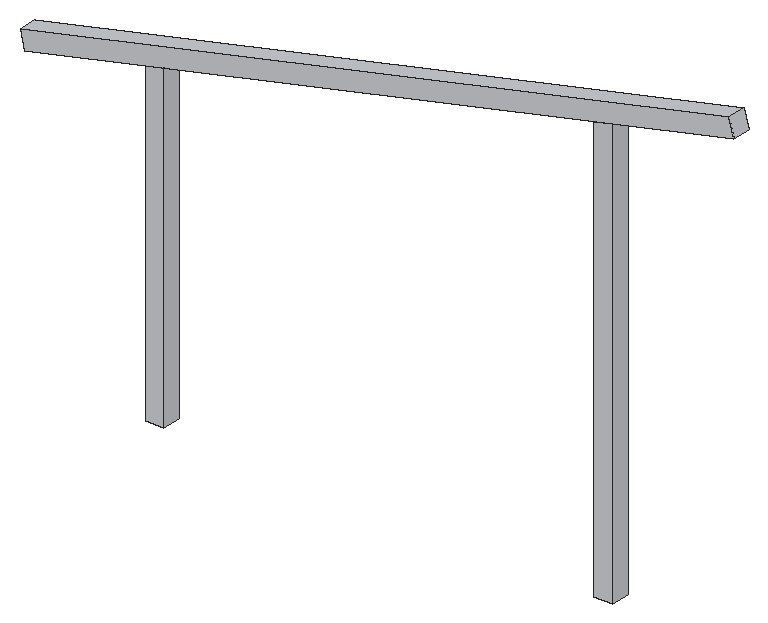
Revit family
Parameters (values of type "tipo")
  VariazioneAltezza_c [instance] = -300 mm
  SezionePilastro_c = 100 mm
  RegolaVariazioneAltezza [instance] = if(and(VariazioneAltezza_c > -5 mm, VariazioneAltezza_c < 5 mm), 5 mm * (-VariazioneAltezza_c / VariazioneAltezza_c), VariazioneAltezza_c)  # -300 mm
  PilastroSinistro [instance] = Pilastro + RegolaVariazioneAltezza  # 1700 mm
  PilastroDestro [instance] = Pilastro - RegolaVariazioneAltezza  # 2300 mm
  Pilastro = 2000 mm
  LunghezzaTraverso = Luce_c + 2 * SezionePilastro_c + 2 * AggettoTraverso_c  # 3900 mm
  Luce_c = 2300 mm
  AsseTraverso [instance] = RegolaVariazioneAltezza / 2  # -150 mm
  Angolo2 [instance] = (90.00° - Angolo)  # 76.5043°
  Angolo1 [instance] = Angolo - 90.00°  # -76.5043°
  Angolo [instance] = -atan(RegolaVariazioneAltezza / (((2 * SezionePilastro_c) + Luce_c) / 2))  # 13.4957°
  AggettoTraverso_c = 700 mm
Reference planes
  plane 1 "Centro (Fronte/Retro)": y = 0
  plane 2: z = 0
  plane 3 "Centro (Sinistra/Destra)": x = 0
  plane 4: x = -1150
  plane 5: x = 1150
  plane 6: x = -1250
  plane 7: x = 1250
  plane 8: z = 2300
  plane 9: z = 1700
  plane 10: through (-3232.433, -1524, 1224.216) normal (-0.2334, 0, 0.9724)
  plane 11: through (-6227.123, -1524, 608.33) normal (-0.2334, 0, 0.9724)
  plane 12: y = -100
  plane 13: z = 2000
  plane 14: through (189.39, -1524, 1210.874) normal (0.9724, 0, 0.2334)
  plane 15: through (-2531.795, -1524, 4193.423) normal (0.9724, 0, 0.2334)
  plane 16: through (1185.456, -1524, 5416.322) normal (0.9724, 0, 0.2334)
Forms (mm)
  Extrusion 1, solid
    sketch origin (0, 0, 0) x (1, 0, 0) y (0, 0, 1)
      loop
        line (-1250, 0) -> (-1150, 0) -> (-1150, 1724) -> (-1250, 1700) -> (-1250, 0)
    from 0 to 100
  Extrusion 2, solid
    sketch origin (0, 0, 0) x (1, 0, 0) y (0, 0, 1)
      loop
        line (1150, 2276) -> (1150, 0) -> (1250, 0) -> (1250, 2300) -> (1150, 2276)
    from 0 to 100
  Extrusion 3, solid
    sketch origin (0, 0, 0) x (1, 0, 0) y (0, 0, 1)
      loop
        line (-1896.155, 1544.923) -> (1896.155, 2455.077) -> (1872.818, 2552.316) -> (-1919.493, 1642.161) -> (-1896.155, 1544.923)
    from 0 to 100
Dimensions and locks
  "SezionePilastro_c": plane 6 to plane 4
  "SezionePilastro_c": plane 5 to plane 7
  equal spacing: plane 4, plane 3 "Centro (Sinistra/Destra)", plane 5
  "Luce_c": plane 4 to plane 5
  "PilastroSinistro": plane 9 to plane 2
  "PilastroDestro": plane 8 to plane 2
  "SezionePilastro_c": plane 11 to plane 10
  "SezionePilastro_c": plane 1 "Centro (Fronte/Retro)" to plane 12
  equal spacing: plane 8, plane 13, plane 9
  equal spacing: plane 16, plane 14, plane 15
  "LunghezzaTraverso": plane 16 to plane 15
  "Angolo": angle plane 9 to plane 10
  "Angolo2": angle plane 11 to plane 3 "Centro (Sinistra/Destra)"
  "Angolo1": angle plane 13 to plane 14
  aligned and locked: plane 10 to Extrusion 1
  aligned and locked: plane 4 to Extrusion 1
  aligned and locked: Extrusion 1 to plane 6
  aligned and locked: Extrusion 1 to plane 2
  aligned and locked: plane 10 to Extrusion 2
  aligned and locked: plane 7 to Extrusion 2
  aligned and locked: Extrusion 2 to plane 2
  aligned and locked: Extrusion 2 to plane 5
  aligned and locked: plane 12 to Extrusion 1
  aligned and locked: plane 12 to Extrusion 2
  aligned and locked: plane 15 to Extrusion 3 sketch curve
  aligned and locked: plane 10 to Extrusion 3 sketch curve
  aligned and locked: Extrusion 3 sketch curve to plane 11
  aligned and locked: Extrusion 3 sketch curve to plane 16
  aligned and locked: plane 12 to Extrusion 3
Automatic sketch dimensions
  Extrusion 1 sketch curve to plane 6 = 0 mm
  Extrusion 1 sketch curve to level = 0 mm
  Extrusion 1 sketch curve to plane 4 = 0 mm
  Extrusion 1 sketch curve to plane 9 = 0 mm
  plane 10 to Extrusion 1 sketch curve = 0 mm
  Extrusion 2 sketch curve to plane 5 = 0 mm
  Extrusion 2 sketch curve to level = 0 mm
  Extrusion 2 sketch curve to plane 7 = 0 mm
  plane 10 to Extrusion 2 sketch curve = 0 mm
  Extrusion 2 sketch curve to plane 8 = 0 mm
